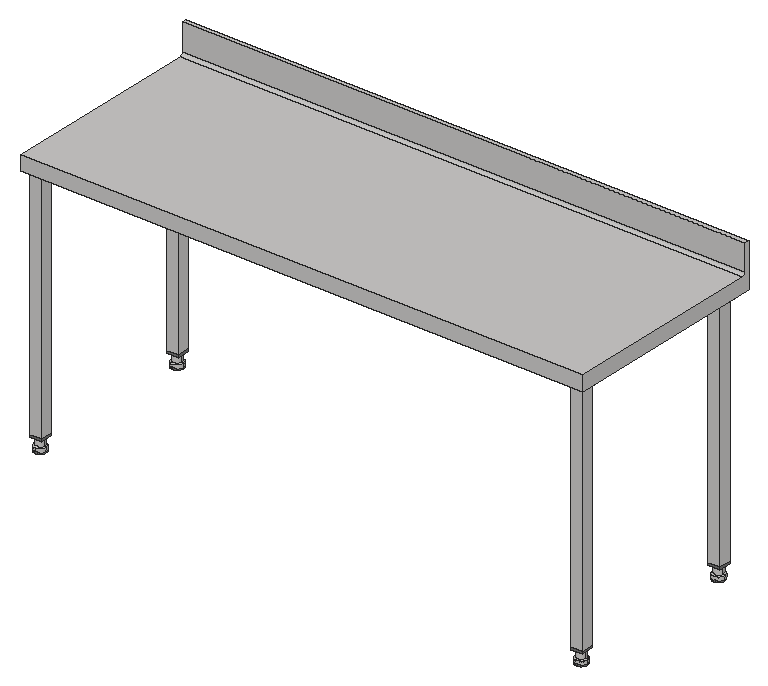
Revit family "QF_ELECTROLUXPROFESSIONAL_133236_TG1910N", category Attrezzature speciali, Revit 2020
Family settings
  Quota connettore circolare = Usa diametro
  Tipo di parte = Normale
  Basato su piano di lavoro = No
  Sempre verticale = Sì
  Taglio con vuoti quando caricato = No
  Condiviso = No
  Punto di calcolo locali = No
Parameters (values of type "Standard")
  Weight = 56.00 kg
  Watts = 0 W
  Volts = 0 V
  URL Manufacturer = "https://www.electroluxprofessional.com/"
  URL = "https://www.electroluxprofessional.com/"
  Steam Supply Size = 0 mm
  Steam Supply Minimum Pressure = 0.0 Pa
  Steam Supply Maximum Pressure = 0.0 Pa
  Steam Consumption per Hour = 0
  Refrigeration Suction Line Size = 0.0 mm
  Refrigeration Liquid Line Size = 0.0 mm
  Refrigerant Compressor Remote = yes
  Prospetto di default = 0.0 mm
  Produttore = "Electrolux Professional"
  Phase = 0
  Modello = "TG1910N"
  Length Actual = 1900.0 mm  # constant formula
  Item Number = "133236"
  Hot Water Size = 0 mm
  Height Actual = 1000.0 mm  # constant formula
  HP = "0 HP"
  Gas Size = 0 mm
  Gas KW = 0
  Gas Input Pressure = 0 W
  Direct Waste Size = 0 mm
  Descrizione = "WORK TABLE WITH UPSTAND 1900 MM"
  Depth Actual = 700.0 mm  # constant formula
  Cycle = 0 Hz
  Condensate Return Size = 0 mm
  Compressed Air Volume = 0.0 L/s
  Compressed Air Size = 0 mm
  Compressed Air Pressure = 0.0 Pa
  Cold Water Size = 0 mm
  Accessory = yes
Reference planes
  plane 1 "Center (Front/Back)": y = 0
  plane 2: z = 0
  plane 3 "Center (Left/Right)": x = -450
  plane 4 "LEFT": x = -1400
  plane 5 "RIGHT": x = 500
  plane 6 "BACK": y = 350
  plane 7 "FRONT": y = -350
  plane 8 "Base": z = 850
  plane 9 "TOP": z = 900
  plane 10: x = -1364.5
  plane 11: x = 464.5
  plane 12: y = 269.5
  plane 13: y = -310.5
Forms (mm)
  Extrusion 1, solid, material "QF_Finishes_Stainless Steel"
    sketch origin (-450, 0, 0) x (0, 1, 0) y (0, 0, 1)
      loop
        line (-350, 850) -> (350, 850) -> (350, 1000) -> (337, 1000) -> (337, 910)
        arc (337, 910) -> (334.071, 902.929) -> (327, 900) r 10
        line (327, 900) -> (-350, 900) -> (-350, 850)
    from 950 to -950
Lines and regions (mm)
  symbolic lines
    curve 1: line (500, 350, 900) -> (-1400, 350, 900)
    curve 2: line (-1400, 350, 900) -> (-1400, -350, 900)
    curve 3: line (-1400, -350, 900) -> (500, -350, 900)
    curve 4: line (500, -350, 900) -> (500, 350, 900)
    curve 5: line (500, 337, 900) -> (-1400, 337, 900)
Dimensions and locks
  plane 4 "LEFT" to plane 5 "RIGHT" = 1900.0 mm
  equal spacing: plane 4 "LEFT", plane 3 "Center (Left/Right)", plane 5 "RIGHT"
  locked: plane 8 "Base" to level at 850
  plane 4 "LEFT" to plane 10 = 35.5 mm
  plane 11 to plane 5 "RIGHT" = 35.5 mm
  plane 10 to plane 11 = 1829.0 mm
  locked: Extrusion 1 to level at 1000
  plane 9 "TOP" to level = 900.0 mm
  plane 6 "BACK" to plane 12 = 80.5 mm
  plane 13 to plane 7 "FRONT" = 39.5 mm
  plane 6 "BACK" to plane 7 "FRONT" = 700.0 mm
  plane 12 to plane 13 = 580.0 mm
  equal spacing: plane 6 "BACK", plane 1 "Center (Front/Back)", plane 7 "FRONT"
  aligned and locked: level to plane 2
  aligned and locked: plane 10 to nested 1
  aligned and locked: nested 1 to plane 13
  aligned and locked: plane 11 to nested 2
  aligned and locked: nested 2 to plane 13
  aligned and locked: plane 11 to nested 4
  aligned and locked: nested 4 to plane 12
  aligned and locked: plane 10 to nested 3
  aligned and locked: nested 3 to plane 12
  aligned and locked: Extrusion 1 to plane 4 "LEFT"
  aligned and locked: plane 5 "RIGHT" to Extrusion 1
  aligned and locked: curve 2 to plane 4 "LEFT"
Automatic sketch dimensions
  Extrusion 1 sketch curve to plane 7 "FRONT" = 0.0 mm
  Extrusion 1 sketch curve to plane 9 "TOP" = 0.0 mm
  Extrusion 1 sketch curve to plane 6 "BACK" = 0.0 mm
  Extrusion 1 sketch curve to plane 8 "Base" = 0.0 mm
  plane 9 "TOP" to Extrusion 1 sketch curve = 10.0 mm
  Extrusion 1 sketch curve to plane 6 "BACK" = 13.0 mm
  Extrusion 1 sketch curve to Extrusion 1 sketch curve = 90.0 mm
  curve 3 to plane 7 "FRONT" = 0.0 mm
  curve 5 to plane 5 "RIGHT" = 0.0 mm
  curve 4 to plane 6 "BACK" = 0.0 mm
  curve 5 to plane 6 "BACK" = 13.0 mm
Nested families
  nested 1: "FEET_40x40_APP42" at (-1364.5, -310.5, 0), type "FEET_40x40_APP42"
  nested 2: "FEET_40x40_APP42" at (464.5, -310.5, 0), type "FEET_40x40_APP42"
  nested 3: "FEET_40x40_APP42" at (-1364.5, 269.5, 0), type "FEET_40x40_APP42"
  nested 4: "FEET_40x40_APP42" at (464.5, 269.5, 0), type "FEET_40x40_APP42"
Definition of nested family "FEET_40x40_APP42"
  Parameters
    Default Elevation = 0.0 mm
    FEET = 850.0 mm
  Reference planes
    plane 1 "Center (Front/Back)": y = 0
    plane 2: z = 0
    plane 3 "Center (Left/Right)": x = 0
    plane 4: z = 850
  Forms (mm)
    Extrusion 1, solid
      sketch origin (0, 0, 0) x (1, 0, 0) y (0, 1, 0)
        loop
          line (-20, -20) -> (20, -20) -> (20, 20) -> (-20, 20) -> (-20, -20)
      from 50 to 845
    Extrusion 2, solid
      sketch origin (0, 0, 0) x (1, 0, 0) y (0, 1, 0)
        loop
          circle (0, 0) r 20
      from 0 to 5
    Extrusion 3, solid
      sketch origin (0, 0, 0) x (1, 0, 0) y (0, 1, 0)
        loop
          line (30, 30) -> (-30, 30) -> (-30, -30) -> (30, -30) -> (30, 30)
      from 845 to 850
    Extrusion 4, solid
      sketch origin (0, 0, 0) x (1, 0, 0) y (0, 1, 0)
        loop
          line (-20, -20) -> (20, -20) -> (20, 20) -> (-20, 20) -> (-20, -20)
      from 50 to 42
    Revolve 5, solid
      sketch origin (0, 0, 0) x (1, 0, 0) y (0, 0, 1)
        loop
          line (0, 42) -> (-15, 42) -> (-15, 20) -> (-20, 15) -> (-20, 5) -> (0, 5) -> (0, 42)
        axis (0, 42) -> (0, 5)
      angle from 0 to 360
  Lines and regions (mm)
    symbolic lines
      curve 1: line (0, -1.503, 0) -> (0, 1.508, 0)
      curve 2: line (1.561, 0, 0) -> (-1.439, 0, 0)
  Dimensions and locks
    "FEET": plane 4 to plane 2
    aligned and locked: level to plane 2
  Automatic sketch dimensions
    plane 1 "Center (Front/Back)" to curve 2 = 0.0 mm
    curve 1 to plane 3 "Center (Left/Right)" = 0.0 mm
    curve 2 to plane 3 "Center (Left/Right)" = 1.439 mm
    plane 3 "Center (Left/Right)" to curve 2 = 1.561 mm
    plane 1 "Center (Front/Back)" to curve 1 = 1.503 mm
    curve 1 to plane 1 "Center (Front/Back)" = 1.508 mm
    Extrusion 1 sketch curve to plane 3 "Center (Left/Right)" = 20.0 mm
    plane 3 "Center (Left/Right)" to Extrusion 1 sketch curve = 20.0 mm
    plane 1 "Center (Front/Back)" to Extrusion 1 sketch curve = 20.0 mm
    Extrusion 1 sketch curve to plane 1 "Center (Front/Back)" = 20.0 mm
    plane 1 "Center (Front/Back)" to Extrusion 2 sketch curve = 0.0 mm
    Extrusion 2 sketch curve to plane 3 "Center (Left/Right)" = 0.0 mm
    Extrusion 3 sketch curve to plane 3 "Center (Left/Right)" = 30.0 mm
    plane 3 "Center (Left/Right)" to Extrusion 3 sketch curve = 30.0 mm
    plane 1 "Center (Front/Back)" to Extrusion 3 sketch curve = 30.0 mm
    Extrusion 3 sketch curve to plane 1 "Center (Front/Back)" = 30.0 mm
    Extrusion 4 sketch curve to plane 3 "Center (Left/Right)" = 20.0 mm
    plane 3 "Center (Left/Right)" to Extrusion 4 sketch curve = 20.0 mm
    plane 1 "Center (Front/Back)" to Extrusion 4 sketch curve = 20.0 mm
    Extrusion 4 sketch curve to plane 1 "Center (Front/Back)" = 20.0 mm
    Revolve 5 sketch curve to plane 3 "Center (Left/Right)" = 0.0 mm  (x2)
    Revolve 5 sketch curve to plane 3 "Center (Left/Right)" = 15.0 mm
    Revolve 5 sketch curve to Revolve 5 sketch curve = 5.0 mm  (x3)
    level to Revolve 5 sketch curve = 5.0 mm
    Revolve 5 sketch curve to Revolve 5 sketch curve = 10.0 mm
    Revolve 5 sketch curve to Revolve 5 sketch curve = 22.0 mm
    Revolve 5 sketch curve to level = 9.561 mm
    radius of Extrusion 2 sketch curve = 20.0 mm
